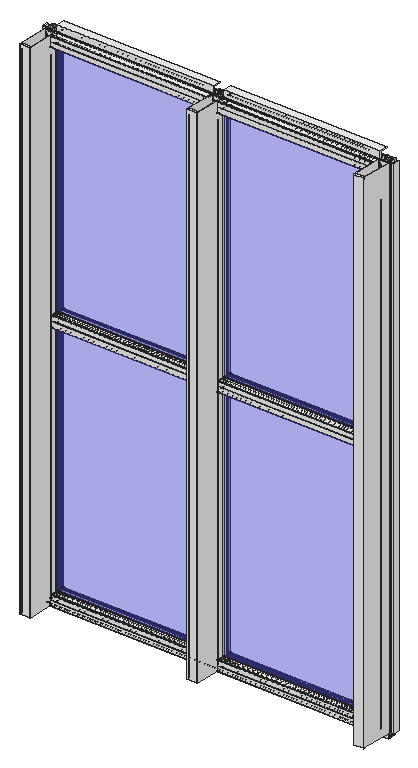
Revit family "Facade_60_Curtain_Wall_E22_Custom", category Windows, host Wall, Revit 2014 (continued)
Definition of nested family "F60 Vertical Profile Middle_E22_Cust"
  Forms (mm)
    Extrusion 1, solid, material <- "Profile Material"
      sketch origin (0, 0, 0) x (1, 0, 0) y (0, 1, 0)
        loop
          arc (25.249, -8.7) -> (25.484, -9.266) -> (26.049, -9.5) r 0.8
          line (26.049, -9.5) -> (27.1, -9.5) -> (27.1, 7) -> (32.902, 7) -> (32.902, -9.5) -> (33.951, -9.5)
          arc (33.951, -9.5) -> (34.516, -9.266) -> (34.751, -8.7) r 0.8
          line (34.751, -8.7) -> (34.751, 6.2)
          arc (34.751, 6.2) -> (34.985, 6.766) -> (35.551, 7) r 0.8
          line (35.551, 7) -> (52.1, 7) -> (52.1, 5.4) -> (50.55, 5.4) -> (50.55, 4.55)
          arc (50.55, 4.55) -> (50.726, 4.126) -> (51.15, 3.95) r 0.6
          line (51.15, 3.95) -> (52.1, 3.95) -> (52.1, 1)
          arc (52.1, 1) -> (51.6, 0.5) -> (52.1, 0) r 0.5
          line (52.1, 0) -> (54.45, 0) -> (54.45, 1.15) -> (53.3, 1.15) -> (53.3, 2.45) -> (58.8, 2.45) -> (58.8, 1.15) -> (57.65, 1.15) -> (57.65, 0) -> (59.5, 0)
          arc (59.5, 0) -> (59.854, 0.146) -> (60, 0.5) r 0.5
          line (60, 0.5) -> (60, 3.9) -> (53.55, 3.9) -> (53.55, 7.6)
          arc (53.55, 7.6) -> (53.316, 8.166) -> (52.75, 8.4) r 0.8
          line (52.75, 8.4) -> (30, 8.4) -> (7.25, 8.4)
          arc (7.25, 8.4) -> (6.684, 8.166) -> (6.45, 7.6) r 0.8
          line (6.45, 7.6) -> (6.45, 3.9) -> (0, 3.9) -> (0, 0.5)
          arc (0, 0.5) -> (0.146, 0.146) -> (0.5, 0) r 0.5
          line (0.5, 0) -> (2.35, 0) -> (2.35, 1.15) -> (1.2, 1.15) -> (1.2, 2.45) -> (6.7, 2.45) -> (6.7, 1.15) -> (5.55, 1.15) -> (5.55, 0) -> (7.9, 0)
          arc (7.9, 0) -> (8.4, 0.5) -> (7.9, 1) r 0.5
          line (7.9, 1) -> (7.9, 3.95) -> (8.85, 3.95)
          arc (8.85, 3.95) -> (9.274, 4.126) -> (9.45, 4.55) r 0.6
          line (9.45, 4.55) -> (9.45, 5.4) -> (7.9, 5.4) -> (7.9, 7) -> (24.449, 7)
          arc (24.449, 7) -> (25.015, 6.766) -> (25.249, 6.2) r 0.8
          line (25.249, 6.2) -> (25.249, -8.7)
      from 0 to 250 <- "Length"
    Extrusion 2, solid, material <- "Thermal Break Material"
      sketch origin (0, 0, 0) x (1, 0, 0) y (0, 1, 0)
        loop
          line (1.75, 9.8) -> (1.75, 5.2) -> (0, 5.2) -> (0, 3.9) -> (6.35, 3.9) -> (6.35, 7.856)
          arc (6.35, 7.856) -> (6.526, 8.281) -> (6.95, 8.456) r 0.6
          line (6.95, 8.456) -> (30, 8.456) -> (53.05, 8.456)
          arc (53.05, 8.456) -> (53.474, 8.281) -> (53.65, 7.856) r 0.6
          line (53.65, 7.856) -> (53.65, 3.9) -> (60, 3.9) -> (60, 5.2) -> (58.25, 5.2) -> (58.25, 9.8) -> (30, 9.8) -> (1.75, 9.8)
      from 0 to 250 <- "Length"
    Extrusion 3, solid, material <- "Thermal Break Material", visible <- "Single Glazing"
      sketch origin (0, 0, 0) x (1, 0, 0) y (0, 1, 0)
        loop
          line (25.749, -14.011) -> (27.672, -14.011) -> (28.481, -12.611) -> (31.518, -12.611) -> (32.327, -14.011) -> (34.249, -14.011)
          arc (34.249, -14.011) -> (34.603, -13.864) -> (34.749, -13.511) r 0.5
          line (34.749, -13.511) -> (34.749, -10.011)
          arc (34.749, -10.011) -> (34.603, -9.657) -> (34.249, -9.511) r 0.5
          line (34.249, -9.511) -> (32.352, -9.511) -> (32.352, 0.19) -> (31.349, 2.261)
          arc (31.349, 2.261) -> (29.999, 2.986) -> (28.649, 2.261) r 1.62
          line (28.649, 2.261) -> (27.647, 0.19) -> (27.647, -9.511) -> (25.749, -9.511)
          arc (25.749, -9.511) -> (25.396, -9.657) -> (25.249, -10.011) r 0.5
          line (25.249, -10.011) -> (25.249, -13.511)
          arc (25.249, -13.511) -> (25.396, -13.864) -> (25.749, -14.011) r 0.5
        loop
          line (28.504, -10.005) -> (28.504, -10.861)
          arc (28.504, -10.861) -> (28.651, -11.214) -> (29.004, -11.361) r 0.5
          line (29.004, -11.361) -> (30.994, -11.361)
          arc (30.994, -11.361) -> (31.348, -11.214) -> (31.494, -10.861) r 0.5
          line (31.494, -10.861) -> (31.494, -10.005) -> (30.708, -9.219)
          arc (30.708, -9.219) -> (30.383, -9.001) -> (29.999, -8.924) r 1.007
          arc (29.999, -8.924) -> (29.616, -8.999) -> (29.292, -9.217) r 0.986
          line (29.292, -9.217) -> (28.504, -10.005)
        loop
          arc (30.896, 1.935) -> (29.887, 2.44) -> (29.005, 1.735) r 1.047
          line (29.005, 1.735) -> (28.347, 0.374) -> (28.347, -6.993)
          arc (28.347, -6.993) -> (28.583, -7.417) -> (29.068, -7.441) r 0.5
          arc (29.068, -7.441) -> (29.999, -7.223) -> (30.93, -7.441) r 2.099
          arc (30.93, -7.441) -> (31.416, -7.417) -> (31.652, -6.993) r 0.5
          line (31.652, -6.993) -> (31.652, 0.374) -> (30.896, 1.935)
      from 0 to 250 <- "Length"
    Extrusion 4, solid, material <- "Profile Material", visible <- "Single Glazing"
      sketch origin (0, 0, 0) x (1, 0, 0) y (0, 1, 0)
        loop
          line (52.693, -14.011) -> (32.327, -14.011) -> (31.519, -12.611) -> (28.481, -12.611) -> (27.673, -14.011) -> (7.307, -14.011) -> (7.307, -15.011) -> (8.457, -15.011) -> (8.457, -16.261) -> (2.957, -16.261) -> (2.957, -15.011) -> (4.107, -15.011) -> (4.107, -14.011) -> (1.707, -14.011)
          arc (1.707, -14.011) -> (1.199, -14.293) -> (1.168, -14.873) r 0.6
          line (1.168, -14.873) -> (2.093, -16.772) -> (1.015, -17.298) -> (1.484, -18.261) -> (11.488, -18.261)
          arc (11.488, -18.261) -> (11.913, -18.085) -> (12.088, -17.661) r 0.6
          line (12.088, -17.661) -> (12.088, -16.811) -> (47.912, -16.811) -> (47.912, -17.661)
          arc (47.912, -17.661) -> (48.088, -18.085) -> (48.512, -18.261) r 0.6
          line (48.512, -18.261) -> (58.518, -18.261) -> (58.987, -17.298) -> (57.908, -16.772) -> (58.834, -14.874)
          arc (58.834, -14.874) -> (58.802, -14.293) -> (58.293, -14.011) r 0.6
          line (58.293, -14.011) -> (55.893, -14.011) -> (55.893, -15.011) -> (57.043, -15.011) -> (57.043, -16.261) -> (51.543, -16.261) -> (51.543, -15.011) -> (52.693, -15.011) -> (52.693, -14.011)
      from 0 to 250 <- "Length"
    Extrusion 5, solid, material <- "Profile Material", visible <- "Single Glazing"
      sketch origin (0, 0, 0) x (1, 0, 0) y (0, 1, 0)
        loop
          line (2.801, -18.261) -> (1.484, -18.261) -> (1.015, -17.298) -> (2.093, -16.772) -> (0.779, -14.076)
          arc (0.779, -14.076) -> (0.239, -14.21) -> (0.001, -14.713) r 0.65
          line (0.001, -14.713) -> (0.001, -28.068)
          arc (0.001, -28.068) -> (1.172, -30.897) -> (4.001, -32.068) r 4
          line (4.001, -32.068) -> (30.001, -32.068) -> (56.001, -32.068)
          arc (56.001, -32.068) -> (58.829, -30.897) -> (60.001, -28.068) r 4
          line (60.001, -28.068) -> (60.001, -14.713)
          arc (60.001, -14.713) -> (59.763, -14.21) -> (59.223, -14.076) r 0.65
          line (59.223, -14.076) -> (57.908, -16.772) -> (58.987, -17.298) -> (58.518, -18.261) -> (57.201, -18.261)
          arc (57.201, -18.261) -> (56.83, -18.425) -> (56.703, -18.811) r 0.5
          arc (56.703, -18.811) -> (56.83, -19.196) -> (57.201, -19.361) r 0.5
          line (57.201, -19.361) -> (58.951, -19.361) -> (58.951, -27.968)
          arc (58.951, -27.968) -> (58.131, -29.948) -> (56.151, -30.768) r 2.8
          line (56.151, -30.768) -> (30.001, -30.768) -> (3.851, -30.768)
          arc (3.851, -30.768) -> (1.871, -29.948) -> (1.051, -27.968) r 2.8
          line (1.051, -27.968) -> (1.051, -19.361) -> (2.801, -19.361)
          arc (2.801, -19.361) -> (3.172, -19.196) -> (3.298, -18.811) r 0.5
          arc (3.298, -18.811) -> (3.172, -18.425) -> (2.801, -18.261) r 0.5
      from 0 to 250 <- "Length"
    Extrusion 6, solid, material <- "Profile Material", visible <- "100mm Mullion"
      sketch origin (0, 0, 0) x (1, 0, 0) y (0, 1, 0)
        loop
          line (14.02, 13) -> (45.98, 13)
          arc (45.98, 13) -> (46.539, 12.842) -> (46.917, 12.4) r 1
          arc (46.917, 12.4) -> (47.285, 11.963) -> (47.833, 11.8) r 1
          line (47.833, 11.8) -> (58.15, 11.8) -> (58.15, 96.3) -> (47.833, 96.3)
          arc (47.833, 96.3) -> (47.285, 96.137) -> (46.917, 95.7) r 1
          arc (46.917, 95.7) -> (46.548, 95.263) -> (46, 95.1) r 1
          line (46, 95.1) -> (14, 95.1)
          arc (14, 95.1) -> (13.452, 95.263) -> (13.083, 95.7) r 1
          arc (13.083, 95.7) -> (12.715, 96.137) -> (12.167, 96.3) r 1
          line (12.167, 96.3) -> (1.85, 96.3) -> (1.85, 11.8) -> (12.167, 11.8)
          arc (12.167, 11.8) -> (12.715, 11.963) -> (13.083, 12.4) r 1
          arc (13.083, 12.4) -> (13.461, 12.842) -> (14.02, 13) r 1
        loop
          line (1.65, 9.856) -> (58.35, 9.856) -> (58.35, 5.2) -> (60, 5.2) -> (60, 98.8)
          arc (60, 98.8) -> (59.707, 99.507) -> (59, 99.8) r 1
          line (59, 99.8) -> (1, 99.8)
          arc (1, 99.8) -> (0.293, 99.507) -> (0, 98.8) r 1
          line (0, 98.8) -> (0, 5.2) -> (1.65, 5.2) -> (1.65, 9.856)
      from 0 to 250 <- "Length"
    Extrusion 7, solid, material <- "Profile Material", visible <- "160mm Mullion"
      sketch origin (0, 0, 0) x (1, 0, 0) y (0, 1, 0)
        loop
          arc (2.35, 15.6) -> (2.526, 15.176) -> (2.95, 15) r 0.6
          line (2.95, 15) -> (57.05, 15)
          arc (57.05, 15) -> (57.474, 15.176) -> (57.65, 15.6) r 0.6
          line (57.65, 15.6) -> (57.65, 153.7)
          arc (57.65, 153.7) -> (57.474, 154.124) -> (57.05, 154.3) r 0.6
          line (57.05, 154.3) -> (47.833, 154.3)
          arc (47.833, 154.3) -> (47.285, 154.137) -> (46.917, 153.7) r 1
          arc (46.917, 153.7) -> (46.548, 153.263) -> (46, 153.1) r 1
          line (46, 153.1) -> (14, 153.1)
          arc (14, 153.1) -> (13.452, 153.263) -> (13.083, 153.7) r 1
          arc (13.083, 153.7) -> (12.715, 154.137) -> (12.167, 154.3) r 1
          line (12.167, 154.3) -> (2.95, 154.3)
          arc (2.95, 154.3) -> (2.526, 154.124) -> (2.35, 153.7) r 0.6
          line (2.35, 153.7) -> (2.35, 15.6)
        loop
          arc (1, 159.8) -> (0.293, 159.507) -> (0, 158.8) r 1
          line (0, 158.8) -> (0, 5.2) -> (1.65, 5.2) -> (1.65, 10.013) -> (58.35, 10.013) -> (58.35, 5.2) -> (60, 5.2) -> (60, 158.8)
          arc (60, 158.8) -> (59.707, 159.507) -> (59, 159.8) r 1
          line (59, 159.8) -> (1, 159.8)
      from 0 to 250 <- "Length"
    Extrusion 8, solid, material <- "Profile Material", visible <- "190mm Mullion"
      sketch origin (0, 0, 0) x (1, 0, 0) y (0, 1, 0)
        loop
          line (57.25, 15.1) -> (57.25, 178.3)
          arc (57.25, 178.3) -> (56.957, 179.007) -> (56.25, 179.3) r 1
          line (56.25, 179.3) -> (3.75, 179.3)
          arc (3.75, 179.3) -> (3.043, 179.007) -> (2.75, 178.3) r 1
          line (2.75, 178.3) -> (2.75, 15.1)
          arc (2.75, 15.1) -> (2.984, 14.534) -> (3.55, 14.3) r 0.8
          line (3.55, 14.3) -> (56.45, 14.3)
          arc (56.45, 14.3) -> (57.016, 14.534) -> (57.25, 15.1) r 0.8
        loop
          line (60, 5.2) -> (60, 188.8)
          arc (60, 188.8) -> (59.707, 189.507) -> (59, 189.8) r 1
          line (59, 189.8) -> (1, 189.8)
          arc (1, 189.8) -> (0.293, 189.507) -> (0, 188.8) r 1
          line (0, 188.8) -> (0, 5.2) -> (1.65, 5.2) -> (1.65, 9.856) -> (58.35, 9.856) -> (58.35, 5.2) -> (60, 5.2)
      from 0 to 250 <- "Length"
    Extrusion 9, solid, material <- "Thermal Break Material", visible <- "Double Glazing"
      sketch origin (0, 0, 0) x (1, 0, 0) y (0, 1, 0)
        loop
          line (27.672, -28) -> (28.48, -26.6) -> (31.518, -26.6) -> (32.326, -28) -> (34.249, -28)
          arc (34.249, -28) -> (34.603, -27.854) -> (34.749, -27.5) r 0.5
          line (34.749, -27.5) -> (34.749, -10)
          arc (34.749, -10) -> (34.603, -9.646) -> (34.249, -9.5) r 0.5
          line (34.249, -9.5) -> (32.352, -9.5) -> (32.352, 0.198) -> (31.348, 2.272)
          arc (31.348, 2.272) -> (29.998, 2.997) -> (28.648, 2.272) r 1.62
          line (28.648, 2.272) -> (27.645, 0.201) -> (27.645, -9.5) -> (25.749, -9.5)
          arc (25.749, -9.5) -> (25.396, -9.646) -> (25.249, -10) r 0.5
          line (25.249, -10) -> (25.249, -27.5)
          arc (25.249, -27.5) -> (25.396, -27.854) -> (25.749, -28) r 0.5
          line (25.749, -28) -> (27.672, -28)
        loop
          arc (30.706, -9.206) -> (30.382, -8.99) -> (29.999, -8.913) r 1.007
          arc (29.999, -8.913) -> (29.616, -8.988) -> (29.292, -9.206) r 0.986
          line (29.292, -9.206) -> (27.142, -11.356)
          arc (27.142, -11.356) -> (26.926, -11.68) -> (26.849, -12.063) r 1
          line (26.849, -12.063) -> (26.849, -24)
          arc (26.849, -24) -> (27.142, -24.707) -> (27.849, -25) r 1
          line (27.849, -25) -> (32.149, -25)
          arc (32.149, -25) -> (32.856, -24.707) -> (33.149, -24) r 1
          line (33.149, -24) -> (33.149, -12.063)
          arc (33.149, -12.063) -> (33.073, -11.68) -> (32.856, -11.356) r 1
          line (32.856, -11.356) -> (30.706, -9.206)
        loop
          arc (28.345, -6.982) -> (28.581, -7.407) -> (29.067, -7.43) r 0.5
          arc (29.067, -7.43) -> (29.998, -7.213) -> (30.929, -7.43) r 2.099
          arc (30.929, -7.43) -> (31.414, -7.407) -> (31.651, -6.982) r 0.5
          line (31.651, -6.982) -> (31.651, 0.385) -> (30.895, 1.946)
          arc (30.895, 1.946) -> (29.885, 2.45) -> (29.004, 1.745) r 1.047
          line (29.004, 1.745) -> (28.345, 0.385) -> (28.345, -6.982)
      from 0 to 250 <- "Length"
    Extrusion 10, solid, material <- "Profile Material", visible <- "Double Glazing"
      sketch origin (0, 0, 0) x (1, 0, 0) y (0, 1, 0)
        loop
          line (52.692, -28) -> (32.327, -28) -> (31.518, -26.6) -> (28.48, -26.6) -> (27.672, -28) -> (7.306, -28) -> (7.306, -29) -> (8.456, -29) -> (8.456, -30.25) -> (2.956, -30.25) -> (2.956, -29) -> (4.106, -29) -> (4.106, -28) -> (1.706, -28)
          arc (1.706, -28) -> (1.198, -28.282) -> (1.167, -28.863) r 0.6
          line (1.167, -28.863) -> (2.093, -30.762) -> (1.014, -31.288) -> (1.483, -32.25) -> (11.488, -32.25)
          arc (11.488, -32.25) -> (11.912, -32.074) -> (12.088, -31.65) r 0.6
          line (12.088, -31.65) -> (12.088, -30.8) -> (47.911, -30.8) -> (47.911, -31.65)
          arc (47.911, -31.65) -> (48.087, -32.074) -> (48.511, -32.25) r 0.6
          line (48.511, -32.25) -> (58.517, -32.25) -> (58.986, -31.288) -> (57.907, -30.762) -> (58.833, -28.864)
          arc (58.833, -28.864) -> (58.801, -28.282) -> (58.292, -28) r 0.6
          line (58.292, -28) -> (55.892, -28) -> (55.892, -29) -> (57.042, -29) -> (57.042, -30.25) -> (51.542, -30.25) -> (51.542, -29) -> (52.692, -29) -> (52.692, -28)
      from 0 to 250 <- "Length"
    Extrusion 11, solid, material <- "Profile Material", visible <- "Double Glazing"
      sketch origin (0, 0, 0) x (1, 0, 0) y (0, 1, 0)
        loop
          line (2.8, -32.25) -> (1.483, -32.25) -> (1.014, -31.288) -> (2.093, -30.762) -> (0.778, -28.065)
          arc (0.778, -28.065) -> (0.238, -28.2) -> (0, -28.702) r 0.65
          line (0, -28.702) -> (0, -42.058)
          arc (0, -42.058) -> (1.172, -44.886) -> (4, -46.058) r 4
          line (4, -46.058) -> (30, -46.058) -> (56, -46.058)
          arc (56, -46.058) -> (58.828, -44.886) -> (60, -42.058) r 4
          line (60, -42.058) -> (60, -28.702)
          arc (60, -28.702) -> (59.762, -28.2) -> (59.222, -28.065) r 0.65
          line (59.222, -28.065) -> (57.907, -30.762) -> (58.986, -31.288) -> (58.517, -32.25) -> (57.2, -32.25)
          arc (57.2, -32.25) -> (56.829, -32.415) -> (56.703, -32.8) r 0.5
          arc (56.703, -32.8) -> (56.829, -33.185) -> (57.2, -33.35) r 0.5
          line (57.2, -33.35) -> (58.95, -33.35) -> (58.95, -41.958)
          arc (58.95, -41.958) -> (58.13, -43.938) -> (56.15, -44.758) r 2.8
          line (56.15, -44.758) -> (30, -44.758) -> (3.85, -44.758)
          arc (3.85, -44.758) -> (1.87, -43.938) -> (1.05, -41.958) r 2.8
          line (1.05, -41.958) -> (1.05, -33.35) -> (2.8, -33.35)
          arc (2.8, -33.35) -> (3.171, -33.185) -> (3.297, -32.8) r 0.5
          arc (3.297, -32.8) -> (3.171, -32.415) -> (2.8, -32.25) r 0.5
      from 0 to 250 <- "Length"
    Extrusion 12, solid, material <- "Profile Material", visible <- "Double Glazing"
      sketch origin (0, 0, 0) x (1, 0, 0) y (0, 1, 0)
        loop
          line (12, -7.775) -> (0, -7.775) -> (0, -25.775) -> (12, -25.775) -> (12, -7.775)
        loop
          line (10.8, -8.975) -> (1.2, -8.975) -> (1.2, -24.575) -> (10.8, -24.575) -> (10.8, -8.975)
      from 0 to 250 <- "Length"
  Lines and regions (mm)
    model lines, style "GenericModelHiddenLines", visible <- "Half 100mm Expansion Break"
      curve 1: line (60, 5.2, 125) -> (60, 95.2, 125)
      curve 2: line (60, 99.8, 125) -> (0, 99.8, 125)
      curve 8: line (0, 5.2, 125) -> (0, 95.2, 125)
    model lines, style "GenericModelHiddenLines", visible <- "Quarter 100mm Expansion Break"
      curve 3: line (60, 5.2, 187.5) -> (60, 95.2, 187.5)
      curve 4: line (60, 5.2, 62.5) -> (60, 95.2, 62.5)
      curve 5: line (60, 99.8, 62.5) -> (0, 99.8, 62.5)
      curve 6: line (60, 99.8, 187.5) -> (0, 99.8, 187.5)
      curve 7: line (0, 5.2, 187.5) -> (0, 95.2, 187.5)
      curve 9: line (0, 5.2, 62.5) -> (0, 95.2, 62.5)
    model lines, style "GenericModelHiddenLines", visible <- "Half SG Expansion Break"
      curve 10: line (4.107, -32.068, 125) -> (55.893, -32.068, 125)
      curve 14: line (60.001, -14.011, 125) -> (60.001, -32.068, 125)
    model lines, style "GenericModelHiddenLines", visible <- "Quarter SG Expansion Break"
      curve 11: line (4.107, -32.068, 187.5) -> (56.703, -32.068, 187.5)
      curve 12: line (4.107, -32.068, 62.5) -> (56.703, -32.068, 62.5)
      curve 13: line (60.001, -14.011, 187.5) -> (60.001, -32.068, 187.5)
      curve 15: line (60.001, -14.011, 62.5) -> (60.001, -32.068, 62.5)
    model lines, style "GenericModelHiddenLines", visible <- "Quarter 160mm Expansion Break"
      curve 16: line (0, 5.2, 187.5) -> (0, 155.2, 187.5)
      curve 18: line (0, 5.2, 62.5) -> (0, 155.2, 62.5)
      curve 19: line (0, 159.8, 187.5) -> (60, 159.8, 187.5)
      curve 21: line (0, 159.8, 62.5) -> (60, 159.8, 62.5)
      curve 22: line (60, 5.2, 187.5) -> (60, 155.2, 187.5)
      curve 24: line (60, 5.2, 62.5) -> (60, 155.2, 62.5)
    model lines, style "GenericModelHiddenLines", visible <- "Half 160mm Expansion Break"
      curve 17: line (0, 5.2, 125) -> (0, 155.2, 125)
      curve 20: line (0, 159.8, 125) -> (60, 159.8, 125)
      curve 23: line (60, 5.2, 125) -> (60, 155.2, 125)
    model lines, style "GenericModelHiddenLines", visible <- "Quarter 190mm Expansion Break"
      curve 25: line (0, 5.2, 187.5) -> (0, 185.2, 187.5)
      curve 27: line (0, 5.2, 62.5) -> (0, 185.2, 62.5)
      curve 28: line (0.779, 189.8, 187.5) -> (59.222, 189.8, 187.5)
      curve 30: line (0.779, 189.8, 62.5) -> (59.222, 189.8, 62.5)
      curve 31: line (60, 5.2, 187.5) -> (60, 185.2, 187.5)
      curve 33: line (60, 5.2, 62.5) -> (60, 185.2, 62.5)
    model lines, style "GenericModelHiddenLines", visible <- "Half 190mm Expansion Joint"
      curve 26: line (0, 5.2, 125) -> (0, 185.2, 125)
      curve 29: line (0.779, 189.8, 125) -> (59.222, 189.8, 125)
      curve 32: line (60, 5.2, 125) -> (60, 185.2, 125)
    model lines, style "GenericModelHiddenLines", visible <- "Quarter DG Expansion Break"
      curve 34: line (60, -28.065, 187.5) -> (60, -46.074, 187.5)
      curve 36: line (60, -28.065, 62.5) -> (60, -46.027, 62.5)
      curve 37: line (59.222, -46.058, 187.5) -> (0.779, -46.058, 187.5)
      curve 39: line (59.222, -46.058, 62.5) -> (0.779, -46.058, 62.5)
    model lines, style "GenericModelHiddenLines", visible <- "Half DG Expansion Break"
      curve 35: line (60, -28.065, 125) -> (60, -46.074, 125)
      curve 38: line (59.222, -46.058, 125) -> (0.779, -46.058, 125)
  Dimensions and locks
    "Half Length": curve 1 to level
    "Half Length": level to curve 2
    "Quarter Length": curve 4 to level
    "Quarter Length": Extrusion 8 to curve 3
    "Quarter Length": level to curve 5
    "Quarter Length": curve 6 to Extrusion 6
    "Quarter Length": curve 9 to level
    "Half Length": curve 8 to level
    "Quarter Length": Extrusion 8 to curve 7
    "Quarter Length": curve 12 to level
    "Half Length": curve 10 to level
    "Quarter Length": Extrusion 5 to curve 11
    "Quarter Length": curve 15 to level
    "Half Length": curve 14 to level
    "Quarter Length": Extrusion 5 to curve 13
    "Quarter Length": Extrusion 7 to curve 18
    "Half Length": Extrusion 7 to curve 17
    "Quarter Length": Extrusion 7 to curve 16
    "Quarter Length": Extrusion 7 to curve 21
    "Quarter Length": curve 19 to Extrusion 7
    "Half Length": Extrusion 7 to curve 20
    "Quarter Length": Extrusion 7 to curve 24
    "Quarter Length": Extrusion 7 to curve 22
    "Half Length": Extrusion 7 to curve 23
    "Quarter Length": Extrusion 8 to curve 27
    "Quarter Length": Extrusion 8 to curve 25
    "Half Length": Extrusion 8 to curve 26
    "Quarter Length": Extrusion 8 to curve 30
    "Quarter Length": curve 28 to Extrusion 8
    "Half Length": Extrusion 8 to curve 29
    "Quarter Length": Extrusion 8 to curve 33
    "Quarter Length": Extrusion 8 to curve 31
    "Half Length": Extrusion 8 to curve 32
    "Quarter Length": Extrusion 11 to curve 36
    "Quarter Length": Extrusion 11 to curve 34
    "Half Length": Extrusion 11 to curve 35
    "Quarter Length": Extrusion 11 to curve 37
    "Quarter Length": curve 39 to Extrusion 11
    "Half Length": curve 38 to Extrusion 11
    aligned and locked: level to plane 2
  Automatic sketch dimensions
    Extrusion 1 sketch curve to plane 3 "Center (Left/Right)" = 0 mm
    plane 1 "Center (Front/Back)" to Extrusion 1 sketch curve = 0 mm  (x4)
    plane 3 "Center (Left/Right)" to Extrusion 1 sketch curve = 0.5 mm
    Extrusion 1 sketch curve to Extrusion 1 sketch curve = 0.7 mm  (x2)
    Extrusion 1 sketch curve to Extrusion 1 sketch curve = 1.15 mm  (x4)
    Extrusion 1 sketch curve to Extrusion 1 sketch curve = 3.2 mm  (x2)
    Extrusion 1 sketch curve to Extrusion 1 sketch curve = 0.9 mm
    Extrusion 1 sketch curve to Extrusion 1 sketch curve = 0.25 mm
    Extrusion 1 sketch curve to Extrusion 1 sketch curve = 0.8 mm  (x7)
    Extrusion 1 sketch curve to Extrusion 1 sketch curve = 1.45 mm  (x2)
    Extrusion 1 sketch curve to Extrusion 1 sketch curve = 0.65 mm  (x3)
    Extrusion 1 sketch curve to Extrusion 1 sketch curve = 0.95 mm  (x3)
    Extrusion 1 sketch curve to Extrusion 1 sketch curve = 0.6 mm  (x3)
    Extrusion 1 sketch curve to plane 1 "Center (Front/Back)" = 7 mm
    Extrusion 1 sketch curve to Extrusion 1 sketch curve = 14.999 mm  (x2)
    plane 1 "Center (Front/Back)" to Extrusion 1 sketch curve = 8.7 mm
    Extrusion 1 sketch curve to Extrusion 1 sketch curve = 1.85 mm
    Extrusion 1 sketch curve to Extrusion 1 sketch curve = 2.9 mm
    Extrusion 1 sketch curve to Extrusion 1 sketch curve = 5.802 mm
    Extrusion 1 sketch curve to Extrusion 1 sketch curve = 1.049 mm
    Extrusion 1 sketch curve to plane 1 "Center (Front/Back)" = 4.55 mm
    Extrusion 1 sketch curve to plane 1 "Center (Front/Back)" = 0.5 mm  (x3)
    Extrusion 1 sketch curve to Extrusion 1 sketch curve = 1.2 mm
    Extrusion 1 sketch curve to plane 1 "Center (Front/Back)" = 1.15 mm  (x2)
    Extrusion 1 sketch curve to Extrusion 1 sketch curve = 0 mm
    Extrusion 1 sketch curve to Extrusion 1 sketch curve = 1.3 mm  (x2)
    Extrusion 1 sketch curve to Extrusion 1 sketch curve = 0.05 mm  (x2)
    Extrusion 1 sketch curve to Extrusion 1 sketch curve = 0.85 mm  (x2)
    Extrusion 1 sketch curve to plane 1 "Center (Front/Back)" = 6.2 mm
    Extrusion 2 sketch curve to plane 3 "Center (Left/Right)" = 0 mm
    plane 3 "Center (Left/Right)" to Extrusion 2 sketch curve = 1.75 mm
    Extrusion 2 sketch curve to Extrusion 2 sketch curve = 4.6 mm  (x4)
    Extrusion 2 sketch curve to Extrusion 2 sketch curve = 0.6 mm  (x2)
    Extrusion 2 sketch curve to plane 1 "Center (Front/Back)" = 9.8 mm
    Extrusion 2 sketch curve to Extrusion 2 sketch curve = 23.05 mm  (x2)
    Extrusion 2 sketch curve to Extrusion 2 sketch curve = 0 mm
    Extrusion 2 sketch curve to plane 1 "Center (Front/Back)" = 8.456 mm
    Extrusion 2 sketch curve to Extrusion 2 sketch curve = 1.75 mm
    Extrusion 2 sketch curve to plane 1 "Center (Front/Back)" = 3.9 mm  (x2)
    plane 3 "Center (Left/Right)" to Extrusion 3 sketch curve = 25.249 mm
    Extrusion 3 sketch curve to Extrusion 3 sketch curve = 0.5 mm  (x6)
    Extrusion 3 sketch curve to plane 1 "Center (Front/Back)" = 0.19 mm  (x2)
    Extrusion 3 sketch curve to Extrusion 3 sketch curve = 1.897 mm  (x2)
    Extrusion 3 sketch curve to Extrusion 3 sketch curve = 1.922 mm  (x2)
    Extrusion 3 sketch curve to plane 1 "Center (Front/Back)" = 0.374 mm  (x2)
    Extrusion 3 sketch curve to Extrusion 3 sketch curve = 0.7 mm  (x2)
    plane 1 "Center (Front/Back)" to Extrusion 3 sketch curve = 12.611 mm
    Extrusion 3 sketch curve to Extrusion 3 sketch curve = 0.809 mm
    Extrusion 3 sketch curve to Extrusion 3 sketch curve = 0.858 mm
    Extrusion 3 sketch curve to plane 1 "Center (Front/Back)" = 2.261 mm  (x2)
    Extrusion 3 sketch curve to Extrusion 3 sketch curve = 0.303 mm
    Extrusion 3 sketch curve to plane 1 "Center (Front/Back)" = 1.735 mm
    Extrusion 3 sketch curve to Extrusion 3 sketch curve = 0.356 mm
    plane 1 "Center (Front/Back)" to Extrusion 3 sketch curve = 9.217 mm
    Extrusion 3 sketch curve to Extrusion 3 sketch curve = 0.788 mm
    Extrusion 3 sketch curve to Extrusion 3 sketch curve = 0.701 mm
    Extrusion 3 sketch curve to Extrusion 3 sketch curve = 0.003 mm
    Extrusion 3 sketch curve to Extrusion 3 sketch curve = 0.992 mm
    Extrusion 3 sketch curve to Extrusion 3 sketch curve = 0.006 mm
    Extrusion 3 sketch curve to Extrusion 3 sketch curve = 0.002 mm
    plane 1 "Center (Front/Back)" to Extrusion 3 sketch curve = 9.219 mm
    Extrusion 3 sketch curve to Extrusion 3 sketch curve = 0.709 mm
    Extrusion 3 sketch curve to plane 1 "Center (Front/Back)" = 1.935 mm
    Extrusion 3 sketch curve to Extrusion 3 sketch curve = 0.899 mm
    Extrusion 3 sketch curve to Extrusion 3 sketch curve = 0.998 mm
    Extrusion 3 sketch curve to Extrusion 3 sketch curve = 0.444 mm
    Extrusion 3 sketch curve to Extrusion 3 sketch curve = 0.524 mm
    Extrusion 3 sketch curve to Extrusion 3 sketch curve = 0.756 mm
    Extrusion 3 sketch curve to Extrusion 3 sketch curve = 0.808 mm
    Extrusion 3 sketch curve to Extrusion 3 sketch curve = 0.9 mm  (x2)
    Extrusion 3 sketch curve to Extrusion 3 sketch curve = 1.25 mm
    Extrusion 3 sketch curve to Extrusion 3 sketch curve = 0.85 mm  (x2)
    Extrusion 3 sketch curve to Extrusion 3 sketch curve = 0.856 mm  (x2)
    Extrusion 3 sketch curve to Extrusion 3 sketch curve = 0.714 mm
    Extrusion 3 sketch curve to Extrusion 3 sketch curve = 0.02 mm
    Extrusion 3 sketch curve to Extrusion 3 sketch curve = 0.399 mm
    Extrusion 3 sketch curve to Extrusion 3 sketch curve = 2.224 mm
    Extrusion 3 sketch curve to Extrusion 3 sketch curve = 0.448 mm
    Extrusion 3 sketch curve to Extrusion 3 sketch curve = 0.032 mm
    Extrusion 3 sketch curve to Extrusion 3 sketch curve = 0 mm
    plane 3 "Center (Left/Right)" to Extrusion 4 sketch curve = 1.015 mm
    Extrusion 4 sketch curve to Extrusion 4 sketch curve = 0.469 mm
    plane 3 "Center (Left/Right)" to Extrusion 4 sketch curve = 1.707 mm
    Extrusion 4 sketch curve to Extrusion 4 sketch curve = 1.079 mm
    Extrusion 4 sketch curve to Extrusion 4 sketch curve = 0.864 mm
    Extrusion 4 sketch curve to Extrusion 4 sketch curve = 1.15 mm  (x4)
    Extrusion 4 sketch curve to Extrusion 4 sketch curve = 3.2 mm  (x2)
    Extrusion 4 sketch curve to Extrusion 4 sketch curve = 3.031 mm  (x2)
    Extrusion 4 sketch curve to Extrusion 4 sketch curve = 0.6 mm  (x3)
    Extrusion 4 sketch curve to Extrusion 4 sketch curve = 15.584 mm  (x2)
    plane 1 "Center (Front/Back)" to Extrusion 4 sketch curve = 12.611 mm
    Extrusion 4 sketch curve to Extrusion 4 sketch curve = 0.808 mm  (x2)
    Extrusion 4 sketch curve to Extrusion 4 sketch curve = 3.038 mm
    plane 1 "Center (Front/Back)" to Extrusion 4 sketch curve = 14.011 mm
    plane 1 "Center (Front/Back)" to Extrusion 4 sketch curve = 16.772 mm
    Extrusion 4 sketch curve to Extrusion 4 sketch curve = 0.865 mm
    Extrusion 4 sketch curve to Extrusion 4 sketch curve = 1.25 mm  (x4)
    plane 1 "Center (Front/Back)" to Extrusion 4 sketch curve = 18.261 mm
    Extrusion 4 sketch curve to Extrusion 4 sketch curve = 0.61 mm
    plane 1 "Center (Front/Back)" to Extrusion 4 sketch curve = 17.298 mm
    Extrusion 4 sketch curve to Extrusion 4 sketch curve = 5.65 mm
    Extrusion 4 sketch curve to Extrusion 4 sketch curve = 0.962 mm
    Extrusion 4 sketch curve to Extrusion 4 sketch curve = 0.85 mm
    Extrusion 4 sketch curve to Extrusion 4 sketch curve = 0.512 mm  (x2)
    Extrusion 4 sketch curve to Extrusion 4 sketch curve = 1 mm  (x2)
    Extrusion 4 sketch curve to Extrusion 4 sketch curve = 0.4 mm  (x2)
    Extrusion 4 sketch curve to Extrusion 4 sketch curve = 1.4 mm
    Extrusion 4 sketch curve to Extrusion 4 sketch curve = 0.539 mm  (x2)
    Extrusion 4 sketch curve to Extrusion 4 sketch curve = 0 mm
    plane 1 "Center (Front/Back)" to Extrusion 4 sketch curve = 14.874 mm
    plane 3 "Center (Left/Right)" to Extrusion 5 sketch curve = 0.001 mm
    Extrusion 5 sketch curve to Extrusion 5 sketch curve = 0.65 mm  (x2)
    Extrusion 5 sketch curve to Extrusion 5 sketch curve = 0.128 mm  (x2)
    plane 3 "Center (Left/Right)" to Extrusion 5 sketch curve = 1.015 mm
    plane 3 "Center (Left/Right)" to Extrusion 5 sketch curve = 1.051 mm
    Extrusion 5 sketch curve to Extrusion 5 sketch curve = 0.469 mm  (x2)
    Extrusion 5 sketch curve to Extrusion 5 sketch curve = 1.079 mm
    Extrusion 5 sketch curve to Extrusion 5 sketch curve = 1.317 mm  (x2)
    Extrusion 5 sketch curve to Extrusion 5 sketch curve = 0 mm  (x3)
    plane 3 "Center (Left/Right)" to Extrusion 5 sketch curve = 3.851 mm
    Extrusion 5 sketch curve to Extrusion 5 sketch curve = 0.15 mm  (x2)
    Extrusion 5 sketch curve to Extrusion 5 sketch curve = 26 mm  (x2)
    Extrusion 5 sketch curve to Extrusion 5 sketch curve = 1.05 mm
    plane 1 "Center (Front/Back)" to Extrusion 5 sketch curve = 16.772 mm
    Extrusion 5 sketch curve to Extrusion 5 sketch curve = 0.707 mm
    Extrusion 5 sketch curve to Extrusion 5 sketch curve = 0.433 mm
    plane 1 "Center (Front/Back)" to Extrusion 5 sketch curve = 17.298 mm
    plane 1 "Center (Front/Back)" to Extrusion 5 sketch curve = 14.076 mm
    Extrusion 5 sketch curve to Extrusion 5 sketch curve = 0.5 mm  (x2)
    plane 1 "Center (Front/Back)" to Extrusion 5 sketch curve = 18.761 mm
    Extrusion 5 sketch curve to Extrusion 5 sketch curve = 0.1 mm  (x3)
    Extrusion 5 sketch curve to Extrusion 5 sketch curve = 1.1 mm  (x2)
    Extrusion 5 sketch curve to Extrusion 5 sketch curve = 8.608 mm
    Extrusion 5 sketch curve to Extrusion 5 sketch curve = 0.962 mm
    Extrusion 6 sketch curve to plane 3 "Center (Left/Right)" = 0 mm
    plane 3 "Center (Left/Right)" to Extrusion 6 sketch curve = 1 mm
    plane 3 "Center (Left/Right)" to Extrusion 6 sketch curve = 1.65 mm
    plane 3 "Center (Left/Right)" to Extrusion 6 sketch curve = 1.85 mm
    Extrusion 6 sketch curve to Extrusion 6 sketch curve = 10.317 mm  (x3)
    Extrusion 6 sketch curve to Extrusion 6 sketch curve = 1.833 mm  (x4)
    Extrusion 6 sketch curve to Extrusion 6 sketch curve = 0.02 mm  (x2)
    Extrusion 6 sketch curve to plane 1 "Center (Front/Back)" = 13 mm
    Extrusion 6 sketch curve to Extrusion 6 sketch curve = 31.961 mm
    Extrusion 6 sketch curve to Extrusion 6 sketch curve = 32 mm
    Extrusion 6 sketch curve to Extrusion 6 sketch curve = 0.2 mm  (x5)
    Extrusion 6 sketch curve to Extrusion 6 sketch curve = 0.85 mm
    Extrusion 6 sketch curve to Extrusion 6 sketch curve = 1.65 mm
    Extrusion 6 sketch curve to Extrusion 6 sketch curve = 1 mm  (x8)
    Extrusion 6 sketch curve to Extrusion 6 sketch curve = 1.944 mm
    Extrusion 6 sketch curve to Extrusion 6 sketch curve = 4.656 mm  (x2)
    Extrusion 6 sketch curve to Extrusion 6 sketch curve = 82.1 mm
    Extrusion 6 sketch curve to Extrusion 6 sketch curve = 2.5 mm
    Extrusion 7 sketch curve to plane 3 "Center (Left/Right)" = 0 mm
    Extrusion 7 sketch curve to Extrusion 7 sketch curve = 1 mm  (x3)
    plane 3 "Center (Left/Right)" to Extrusion 7 sketch curve = 1.65 mm
    plane 3 "Center (Left/Right)" to Extrusion 7 sketch curve = 2.35 mm
    Extrusion 7 sketch curve to Extrusion 7 sketch curve = 0.6 mm  (x3)
    Extrusion 7 sketch curve to Extrusion 7 sketch curve = 9.217 mm  (x2)
    Extrusion 7 sketch curve to Extrusion 7 sketch curve = 1.833 mm  (x2)
    Extrusion 7 sketch curve to Extrusion 7 sketch curve = 32 mm
    Extrusion 7 sketch curve to plane 1 "Center (Front/Back)" = 15 mm
    Extrusion 7 sketch curve to Extrusion 7 sketch curve = 54.1 mm
    Extrusion 7 sketch curve to Extrusion 7 sketch curve = 1.3 mm
    Extrusion 7 sketch curve to Extrusion 7 sketch curve = 1.95 mm
    Extrusion 7 sketch curve to Extrusion 7 sketch curve = 1.65 mm
    Extrusion 7 sketch curve to Extrusion 7 sketch curve = 4.987 mm
    Extrusion 7 sketch curve to Extrusion 7 sketch curve = 4.813 mm
    Extrusion 7 sketch curve to Extrusion 7 sketch curve = 4.812 mm
    Extrusion 7 sketch curve to Extrusion 7 sketch curve = 137.5 mm
    Extrusion 7 sketch curve to Extrusion 7 sketch curve = 0.2 mm  (x2)
    Extrusion 7 sketch curve to Extrusion 7 sketch curve = 0.4 mm  (x2)
    Extrusion 7 sketch curve to Extrusion 7 sketch curve = 4.5 mm
    Extrusion 8 sketch curve to plane 3 "Center (Left/Right)" = 0 mm
    Extrusion 8 sketch curve to Extrusion 8 sketch curve = 1 mm  (x3)
    plane 3 "Center (Left/Right)" to Extrusion 8 sketch curve = 1.65 mm
    plane 3 "Center (Left/Right)" to Extrusion 8 sketch curve = 2.75 mm
    Extrusion 8 sketch curve to Extrusion 8 sketch curve = 0.8 mm  (x2)
    Extrusion 8 sketch curve to Extrusion 8 sketch curve = 52.5 mm
    Extrusion 8 sketch curve to plane 1 "Center (Front/Back)" = 15.1 mm
    Extrusion 8 sketch curve to Extrusion 8 sketch curve = 52.9 mm
    Extrusion 8 sketch curve to Extrusion 8 sketch curve = 1.9 mm
    Extrusion 8 sketch curve to Extrusion 8 sketch curve = 2.75 mm
    Extrusion 8 sketch curve to Extrusion 8 sketch curve = 4.444 mm
    Extrusion 8 sketch curve to Extrusion 8 sketch curve = 4.656 mm  (x2)
    Extrusion 8 sketch curve to Extrusion 8 sketch curve = 163.2 mm
    Extrusion 8 sketch curve to Extrusion 8 sketch curve = 9.5 mm
    plane 3 "Center (Left/Right)" to Extrusion 9 sketch curve = 25.249 mm
    Extrusion 9 sketch curve to Extrusion 9 sketch curve = 0.5 mm  (x4)
    Extrusion 9 sketch curve to Extrusion 9 sketch curve = 1.1 mm
    plane 1 "Center (Front/Back)" to Extrusion 9 sketch curve = 11.356 mm  (x2)
    Extrusion 9 sketch curve to Extrusion 9 sketch curve = 0.293 mm  (x2)
    Extrusion 9 sketch curve to Extrusion 9 sketch curve = 1.896 mm
    Extrusion 9 sketch curve to Extrusion 9 sketch curve = 1.922 mm
    Extrusion 9 sketch curve to Extrusion 9 sketch curve = 1 mm  (x2)
    Extrusion 9 sketch curve to Extrusion 9 sketch curve = 0.7 mm
    Extrusion 9 sketch curve to Extrusion 9 sketch curve = 0.808 mm
    Extrusion 9 sketch curve to plane 1 "Center (Front/Back)" = 2.272 mm  (x2)
    Extrusion 9 sketch curve to Extrusion 9 sketch curve = 0.303 mm
    Extrusion 9 sketch curve to plane 1 "Center (Front/Back)" = 1.745 mm
    Extrusion 9 sketch curve to Extrusion 9 sketch curve = 0.356 mm
    plane 1 "Center (Front/Back)" to Extrusion 9 sketch curve = 9.206 mm  (x2)
    Extrusion 9 sketch curve to Extrusion 9 sketch curve = 1.647 mm
    Extrusion 9 sketch curve to Extrusion 9 sketch curve = 0.701 mm
    Extrusion 9 sketch curve to Extrusion 9 sketch curve = 0.992 mm
    Extrusion 9 sketch curve to Extrusion 9 sketch curve = 0.003 mm
    Extrusion 9 sketch curve to Extrusion 9 sketch curve = 0.002 mm
    Extrusion 9 sketch curve to Extrusion 9 sketch curve = 0.004 mm
    Extrusion 9 sketch curve to Extrusion 9 sketch curve = 0.708 mm
    Extrusion 9 sketch curve to plane 1 "Center (Front/Back)" = 1.946 mm
    Extrusion 9 sketch curve to Extrusion 9 sketch curve = 0.899 mm
    Extrusion 9 sketch curve to Extrusion 9 sketch curve = 0.444 mm
    Extrusion 9 sketch curve to Extrusion 9 sketch curve = 3.038 mm
    Extrusion 9 sketch curve to plane 1 "Center (Front/Back)" = 0.385 mm  (x2)
    Extrusion 9 sketch curve to Extrusion 9 sketch curve = 0.756 mm
    Extrusion 9 sketch curve to Extrusion 9 sketch curve = 2.153 mm
    Extrusion 9 sketch curve to Extrusion 9 sketch curve = 0.631 mm
    Extrusion 9 sketch curve to Extrusion 9 sketch curve = 0.807 mm
    Extrusion 9 sketch curve to Extrusion 9 sketch curve = 1.646 mm
    Extrusion 9 sketch curve to Extrusion 9 sketch curve = 0.707 mm
    Extrusion 9 sketch curve to Extrusion 9 sketch curve = 1.393 mm
    Extrusion 9 sketch curve to Extrusion 9 sketch curve = 1.923 mm
    Extrusion 9 sketch curve to Extrusion 9 sketch curve = 11.937 mm
    Extrusion 9 sketch curve to Extrusion 9 sketch curve = 1.6 mm
    Extrusion 9 sketch curve to Extrusion 9 sketch curve = 0.9 mm  (x2)
    Extrusion 9 sketch curve to Extrusion 9 sketch curve = 1.356 mm  (x2)
    Extrusion 9 sketch curve to Extrusion 9 sketch curve = 0.714 mm
    Extrusion 9 sketch curve to Extrusion 9 sketch curve = 0.02 mm
    Extrusion 9 sketch curve to Extrusion 9 sketch curve = 0.399 mm
    Extrusion 9 sketch curve to Extrusion 9 sketch curve = 2.224 mm
    Extrusion 9 sketch curve to Extrusion 9 sketch curve = 0.448 mm
    Extrusion 9 sketch curve to plane 1 "Center (Front/Back)" = 0.198 mm
    Extrusion 9 sketch curve to plane 1 "Center (Front/Back)" = 0.201 mm
    Extrusion 9 sketch curve to Extrusion 9 sketch curve = 0.032 mm
    Extrusion 9 sketch curve to Extrusion 9 sketch curve = 0 mm
    plane 3 "Center (Left/Right)" to Extrusion 10 sketch curve = 1.014 mm
    Extrusion 10 sketch curve to Extrusion 10 sketch curve = 0.469 mm  (x2)
    plane 3 "Center (Left/Right)" to Extrusion 10 sketch curve = 1.706 mm
    Extrusion 10 sketch curve to Extrusion 10 sketch curve = 1.079 mm
    Extrusion 10 sketch curve to Extrusion 10 sketch curve = 0.864 mm
    Extrusion 10 sketch curve to Extrusion 10 sketch curve = 1.15 mm  (x4)
    Extrusion 10 sketch curve to Extrusion 10 sketch curve = 3.2 mm  (x2)
    Extrusion 10 sketch curve to Extrusion 10 sketch curve = 3.031 mm  (x2)
    Extrusion 10 sketch curve to Extrusion 10 sketch curve = 0.6 mm  (x3)
    Extrusion 10 sketch curve to Extrusion 10 sketch curve = 15.584 mm  (x2)
    Extrusion 10 sketch curve to Extrusion 10 sketch curve = 0.808 mm  (x2)
    Extrusion 10 sketch curve to Extrusion 10 sketch curve = 3.038 mm
    Extrusion 10 sketch curve to Extrusion 10 sketch curve = 0.865 mm
    Extrusion 10 sketch curve to Extrusion 10 sketch curve = 1.25 mm  (x5)
    Extrusion 10 sketch curve to Extrusion 10 sketch curve = 0.61 mm
    plane 1 "Center (Front/Back)" to Extrusion 10 sketch curve = 31.288 mm
    Extrusion 10 sketch curve to Extrusion 10 sketch curve = 0.362 mm
    plane 1 "Center (Front/Back)" to Extrusion 10 sketch curve = 31.65 mm
    Extrusion 10 sketch curve to Extrusion 10 sketch curve = 0.962 mm
    Extrusion 10 sketch curve to Extrusion 10 sketch curve = 0.85 mm
    Extrusion 10 sketch curve to Extrusion 10 sketch curve = 0.512 mm  (x2)
    Extrusion 10 sketch curve to Extrusion 10 sketch curve = 0.4 mm  (x2)
    Extrusion 10 sketch curve to Extrusion 10 sketch curve = 1 mm
    Extrusion 10 sketch curve to Extrusion 10 sketch curve = 2.8 mm
    Extrusion 10 sketch curve to Extrusion 10 sketch curve = 0 mm  (x2)
    Extrusion 10 sketch curve to Extrusion 10 sketch curve = 1.4 mm
    Extrusion 10 sketch curve to Extrusion 10 sketch curve = 0.539 mm  (x2)
    plane 1 "Center (Front/Back)" to Extrusion 10 sketch curve = 28.864 mm
    Extrusion 11 sketch curve to plane 3 "Center (Left/Right)" = 0 mm
    plane 3 "Center (Left/Right)" to Extrusion 11 sketch curve = 0.65 mm
    Extrusion 11 sketch curve to Extrusion 11 sketch curve = 0.128 mm  (x2)
    plane 3 "Center (Left/Right)" to Extrusion 11 sketch curve = 1.014 mm
    plane 3 "Center (Left/Right)" to Extrusion 11 sketch curve = 1.05 mm
    Extrusion 11 sketch curve to Extrusion 11 sketch curve = 0.469 mm  (x2)
    Extrusion 11 sketch curve to Extrusion 11 sketch curve = 1.079 mm
    Extrusion 11 sketch curve to Extrusion 11 sketch curve = 1.317 mm  (x2)
    Extrusion 11 sketch curve to Extrusion 11 sketch curve = 0 mm  (x3)
    plane 3 "Center (Left/Right)" to Extrusion 11 sketch curve = 3.85 mm
    Extrusion 11 sketch curve to Extrusion 11 sketch curve = 0.15 mm  (x2)
    Extrusion 11 sketch curve to Extrusion 11 sketch curve = 26 mm  (x2)
    Extrusion 11 sketch curve to Extrusion 11 sketch curve = 1.05 mm
    Extrusion 11 sketch curve to Extrusion 11 sketch curve = 0.707 mm
    Extrusion 11 sketch curve to Extrusion 11 sketch curve = 0.433 mm
    plane 1 "Center (Front/Back)" to Extrusion 11 sketch curve = 31.288 mm
    plane 1 "Center (Front/Back)" to Extrusion 11 sketch curve = 28.065 mm
    Extrusion 11 sketch curve to Extrusion 11 sketch curve = 1.314 mm
    Extrusion 11 sketch curve to Extrusion 11 sketch curve = 0.65 mm
    Extrusion 11 sketch curve to Extrusion 11 sketch curve = 0.5 mm  (x2)
    plane 1 "Center (Front/Back)" to Extrusion 11 sketch curve = 32.75 mm
    Extrusion 11 sketch curve to Extrusion 11 sketch curve = 0.1 mm  (x3)
    Extrusion 11 sketch curve to Extrusion 11 sketch curve = 1.1 mm  (x2)
    Extrusion 11 sketch curve to Extrusion 11 sketch curve = 8.608 mm
    Extrusion 11 sketch curve to Extrusion 11 sketch curve = 0.962 mm
    Extrusion 12 sketch curve to plane 3 "Center (Left/Right)" = 0 mm
    plane 3 "Center (Left/Right)" to Extrusion 12 sketch curve = 1.2 mm
    Extrusion 12 sketch curve to Extrusion 12 sketch curve = 9.6 mm
    Extrusion 12 sketch curve to Extrusion 12 sketch curve = 1.2 mm  (x3)
    plane 1 "Center (Front/Back)" to Extrusion 12 sketch curve = 25.775 mm
    plane 1 "Center (Front/Back)" to Extrusion 12 sketch curve = 8.975 mm
    curve 4 to Extrusion 6 = 0 mm
    curve 3 to Extrusion 6 = 0 mm
    curve 1 to Extrusion 6 = 0 mm
    curve 4 to Extrusion 6 = 3.6 mm
    curve 3 to Extrusion 6 = 3.6 mm
    curve 1 to Extrusion 6 = 3.6 mm
    Extrusion 6 to curve 2 = 1 mm
    Extrusion 6 to curve 5 = 1 mm
    Extrusion 6 to curve 6 = 1 mm
    curve 6 to Extrusion 6 = 1 mm
    curve 5 to Extrusion 6 = 1 mm
    curve 2 to Extrusion 6 = 1 mm
    curve 9 to Extrusion 6 = 0 mm
    curve 8 to Extrusion 6 = 0 mm
    curve 7 to Extrusion 6 = 0 mm
    Extrusion 6 to curve 8 = 3.6 mm
    Extrusion 6 to curve 9 = 3.6 mm
    Extrusion 6 to curve 7 = 3.6 mm
    curve 12 to Extrusion 5 = 25.894 mm
    curve 11 to Extrusion 5 = 25.894 mm
    curve 10 to Extrusion 5 = 25.894 mm
    curve 10 to Extrusion 5 = 0.108 mm
    Extrusion 5 to curve 12 = 0.703 mm
    Extrusion 5 to curve 11 = 0.703 mm
    curve 13 to Extrusion 5 = 4 mm
    curve 14 to Extrusion 5 = 4 mm
    curve 15 to Extrusion 5 = 4 mm
    Extrusion 5 to curve 15 = 0.702 mm
    Extrusion 5 to curve 14 = 0.702 mm
    Extrusion 5 to curve 13 = 0.702 mm
    curve 18 to Extrusion 7 = 0 mm
    curve 17 to Extrusion 7 = 0 mm
    curve 16 to Extrusion 7 = 0 mm
    Extrusion 7 to curve 17 = 3.6 mm
    Extrusion 7 to curve 18 = 3.6 mm
    Extrusion 7 to curve 16 = 3.6 mm
    Extrusion 7 to curve 21 = 1 mm  (x2)
    Extrusion 7 to curve 20 = 1 mm  (x2)
    Extrusion 7 to curve 19 = 1 mm  (x2)
    curve 24 to Extrusion 7 = 0 mm
    curve 23 to Extrusion 7 = 0 mm
    curve 22 to Extrusion 7 = 0 mm
    curve 24 to Extrusion 7 = 3.6 mm
    curve 23 to Extrusion 7 = 3.6 mm
    curve 22 to Extrusion 7 = 3.6 mm
    curve 27 to Extrusion 8 = 0 mm
    curve 26 to Extrusion 8 = 0 mm
    curve 25 to Extrusion 8 = 0 mm
    Extrusion 8 to curve 26 = 3.6 mm
    Extrusion 8 to curve 27 = 3.6 mm
    Extrusion 8 to curve 25 = 3.6 mm
    Extrusion 8 to curve 30 = 0.221 mm
    Extrusion 8 to curve 29 = 0.221 mm
    Extrusion 8 to curve 28 = 0.221 mm
    curve 29 to Extrusion 8 = 0.222 mm
    curve 30 to Extrusion 8 = 0.222 mm
    curve 28 to Extrusion 8 = 0.222 mm
    curve 33 to Extrusion 8 = 0 mm
    curve 32 to Extrusion 8 = 0 mm
    curve 31 to Extrusion 8 = 0 mm
    curve 33 to Extrusion 8 = 3.6 mm
    curve 32 to Extrusion 8 = 3.6 mm
    curve 31 to Extrusion 8 = 3.6 mm
    curve 34 to Extrusion 11 = 4.016 mm
    curve 35 to Extrusion 11 = 4.016 mm
    curve 36 to Extrusion 11 = 3.97 mm
    Extrusion 11 to curve 36 = 0.637 mm
    Extrusion 11 to curve 35 = 0.637 mm
    Extrusion 11 to curve 34 = 0.637 mm
    curve 37 to Extrusion 11 = 29.221 mm
    curve 38 to Extrusion 11 = 29.221 mm
    curve 39 to Extrusion 11 = 29.221 mm
    Extrusion 11 to curve 39 = 3.222 mm
    Extrusion 11 to curve 38 = 3.222 mm
    Extrusion 11 to curve 37 = 3.222 mm
Definition of nested family "F60 Horizontal Profile Middle_E22_Cust"
  Parameters (values of type "F60 Horizontal Profile Middle")
    Thermal Break Material [instance] = none
    Single Glazing [instance] = yes
    Profile Material [instance] = none
    Length [instance] = 250 mm
    Double Glazing [instance] = yes
  Reference planes
    plane 1 "Center (Front/Back)": y = 0
    plane 2: z = 0
    plane 3 "Center (Left/Right)": x = 0
  Forms (mm)
    Extrusion 1, solid, material <- "Profile Material"
      sketch origin (0, 0, 0) x (0, 1, 0) y (0, 0, 1)
        loop
          line (-9.94, 7.845) -> (-8.37, 6.275) -> (-1.2, 10.415) -> (-1.2, 1.2) -> (-5, 1.2) -> (-5, 0) -> (-1, 0)
          arc (-1, 0) -> (-0.293, 0.293) -> (0, 1) r 1
          line (0, 1) -> (0, 30) -> (0, 59)
          arc (0, 59) -> (-0.293, 59.707) -> (-1, 60) r 1
          line (-1, 60) -> (-5, 60) -> (-5, 58.8) -> (-1.2, 58.8) -> (-1.2, 49.585) -> (-8.37, 53.725) -> (-9.94, 52.155)
          arc (-9.94, 52.155) -> (-9.902, 51.269) -> (-9.016, 51.232) r 0.655
          line (-9.016, 51.232) -> (-8.077, 52.17) -> (-1.2, 48.2) -> (-1.2, 30) -> (-1.2, 11.8) -> (-8.077, 7.83) -> (-9.016, 8.768)
          arc (-9.016, 8.768) -> (-9.902, 8.731) -> (-9.94, 7.845) r 0.655
      from 0 to 250 <- "Length"
    Extrusion 2, solid, material <- "Profile Material"
      sketch origin (0, 0, 0) x (0, 1, 0) y (0, 0, 1)
        loop
          line (-5, 60) -> (-44.6, 60) -> (-44.6, 58.35) -> (-39.944, 58.35) -> (-39.944, 1.65) -> (-44.6, 1.65) -> (-44.6, 0) -> (-5, 0) -> (-5, 2.2) -> (-4.2, 2.2) -> (-4.2, 3.018)
          arc (-4.2, 3.018) -> (-4.352, 3.783) -> (-4.786, 4.432) r 2
          line (-4.786, 4.432) -> (-7.054, 6.7) -> (-8, 6.489) -> (-8, 5.7) -> (-7.205, 5.7) -> (-7.205, 2.95) -> (-8, 2.95) -> (-8, 1.95) -> (-12.752, 1.95) -> (-12.752, 6.7) -> (-14.152, 6.7) -> (-14.152, 1.65) -> (-38.65, 1.65) -> (-38.65, 8.33) -> (-37.097, 8.33) -> (-34.666, 6.973)
          arc (-34.666, 6.973) -> (-33.846, 7.192) -> (-34.066, 8.012) r 0.6
          line (-34.066, 8.012) -> (-37.128, 9.78) -> (-38.65, 9.78) -> (-38.65, 12.65) -> (-37.6, 13.7) -> (-37.6, 20.3) -> (-38.65, 21.35) -> (-38.65, 38.65) -> (-37.6, 39.7) -> (-37.6, 46.3) -> (-38.65, 47.35) -> (-38.65, 50.22) -> (-37.128, 50.22) -> (-34.066, 51.988)
          arc (-34.066, 51.988) -> (-33.846, 52.808) -> (-34.666, 53.027) r 0.6
          line (-34.666, 53.027) -> (-37.032, 51.661) -> (-38.65, 51.661) -> (-38.65, 58.35) -> (-14.152, 58.35) -> (-14.152, 53.3) -> (-12.752, 53.3) -> (-12.752, 58.05) -> (-8, 58.05) -> (-8, 57.05) -> (-7.205, 57.05) -> (-7.205, 54.3) -> (-8, 54.3) -> (-8, 53.511) -> (-7.054, 53.3) -> (-4.786, 55.568)
          arc (-4.786, 55.568) -> (-4.352, 56.217) -> (-4.2, 56.982) r 2
          line (-4.2, 56.982) -> (-4.2, 57.8) -> (-5, 57.8) -> (-5, 60)
      from 0 to 250 <- "Length"
    Extrusion 3, solid, material <- "Thermal Break Material"
      sketch origin (0, 0, 0) x (0, 1, 0) y (0, 0, 1)
        loop
          line (-40, 1.75) -> (-40, 30) -> (-40, 58.25) -> (-44.6, 58.25) -> (-44.6, 60) -> (-45.9, 60) -> (-45.9, 53.65) -> (-41.788, 53.65)
          arc (-41.788, 53.65) -> (-41.363, 53.474) -> (-41.187, 53.05) r 0.6
          line (-41.187, 53.05) -> (-41.187, 30) -> (-41.187, 6.95)
          arc (-41.187, 6.95) -> (-41.363, 6.526) -> (-41.788, 6.35) r 0.6
          line (-41.788, 6.35) -> (-45.9, 6.35) -> (-45.9, 0) -> (-44.6, 0) -> (-44.6, 1.75) -> (-40, 1.75)
      from 0 to 250 <- "Length"
    Extrusion 4, solid, material <- "Profile Material"
      sketch origin (0, 0, 0) x (0, 1, 0) y (0, 0, 1)
        loop
          line (-58.5, 25.249) -> (-43.6, 25.249)
          arc (-43.6, 25.249) -> (-43.034, 25.015) -> (-42.8, 24.449) r 0.8
          line (-42.8, 24.449) -> (-42.8, 7.9) -> (-44.4, 7.9) -> (-44.4, 9.45) -> (-45.25, 9.45)
          arc (-45.25, 9.45) -> (-45.674, 9.274) -> (-45.85, 8.85) r 0.6
          line (-45.85, 8.85) -> (-45.85, 7.9) -> (-48.8, 7.9)
          arc (-48.8, 7.9) -> (-49.3, 8.4) -> (-49.8, 7.9) r 0.5
          line (-49.8, 7.9) -> (-49.8, 5.55) -> (-48.65, 5.55) -> (-48.65, 6.7) -> (-47.35, 6.7) -> (-47.35, 1.2) -> (-48.65, 1.2) -> (-48.65, 2.35) -> (-49.8, 2.35) -> (-49.8, 0.5)
          arc (-49.8, 0.5) -> (-49.654, 0.146) -> (-49.3, 0) r 0.5
          line (-49.3, 0) -> (-45.9, 0) -> (-45.9, 6.45) -> (-42.2, 6.45)
          arc (-42.2, 6.45) -> (-41.634, 6.684) -> (-41.4, 7.25) r 0.8
          line (-41.4, 7.25) -> (-41.4, 30) -> (-41.4, 52.75)
          arc (-41.4, 52.75) -> (-41.634, 53.316) -> (-42.2, 53.55) r 0.8
          line (-42.2, 53.55) -> (-45.9, 53.55) -> (-45.9, 60) -> (-49.3, 60)
          arc (-49.3, 60) -> (-49.654, 59.854) -> (-49.8, 59.5) r 0.5
          line (-49.8, 59.5) -> (-49.8, 57.65) -> (-48.65, 57.65) -> (-48.65, 58.8) -> (-47.35, 58.8) -> (-47.35, 53.3) -> (-48.65, 53.3) -> (-48.65, 54.45) -> (-49.8, 54.45) -> (-49.8, 52.1)
          arc (-49.8, 52.1) -> (-49.3, 51.6) -> (-48.8, 52.1) r 0.5
          line (-48.8, 52.1) -> (-45.85, 52.1) -> (-45.85, 51.15)
          arc (-45.85, 51.15) -> (-45.674, 50.726) -> (-45.25, 50.55) r 0.6
          line (-45.25, 50.55) -> (-44.4, 50.55) -> (-44.4, 52.1) -> (-42.8, 52.1) -> (-42.8, 35.551)
          arc (-42.8, 35.551) -> (-43.034, 34.985) -> (-43.6, 34.751) r 0.8
          line (-43.6, 34.751) -> (-58.5, 34.751)
          arc (-58.5, 34.751) -> (-59.066, 34.516) -> (-59.3, 33.951) r 0.8
          line (-59.3, 33.951) -> (-59.3, 32.902) -> (-42.8, 32.902) -> (-42.8, 27.1) -> (-59.3, 27.1) -> (-59.3, 26.049)
          arc (-59.3, 26.049) -> (-59.066, 25.484) -> (-58.5, 25.249) r 0.8
      from 0 to 250 <- "Length"
    Extrusion 5, solid, material <- "Thermal Break Material", visible <- "Single Glazing"
      sketch origin (0, 0, 0) x (0, 1, 0) y (0, 0, 1)
        loop
          arc (-63.8, 25.751) -> (-63.654, 25.397) -> (-63.3, 25.251) r 0.5
          line (-63.3, 25.251) -> (-59.8, 25.251)
          arc (-59.8, 25.251) -> (-59.446, 25.397) -> (-59.3, 25.751) r 0.5
          line (-59.3, 25.751) -> (-59.3, 27.648) -> (-49.599, 27.648) -> (-47.528, 28.651)
          arc (-47.528, 28.651) -> (-46.803, 30.001) -> (-47.528, 31.351) r 1.62
          line (-47.528, 31.351) -> (-49.599, 32.353) -> (-59.3, 32.353) -> (-59.3, 34.251)
          arc (-59.3, 34.251) -> (-59.446, 34.604) -> (-59.8, 34.751) r 0.5
          line (-59.8, 34.751) -> (-63.3, 34.751)
          arc (-63.3, 34.751) -> (-63.654, 34.604) -> (-63.8, 34.251) r 0.5
          line (-63.8, 34.251) -> (-63.8, 32.328) -> (-62.4, 31.52) -> (-62.4, 28.483) -> (-63.8, 27.673) -> (-63.8, 25.751)
        loop
          line (-59.794, 28.506) -> (-59.006, 29.294)
          arc (-59.006, 29.294) -> (-58.788, 29.618) -> (-58.713, 30.001) r 0.986
          arc (-58.713, 30.001) -> (-58.79, 30.384) -> (-59.008, 30.71) r 1.007
          line (-59.008, 30.71) -> (-59.794, 31.496) -> (-60.65, 31.496)
          arc (-60.65, 31.496) -> (-61.004, 31.349) -> (-61.15, 30.996) r 0.5
          line (-61.15, 30.996) -> (-61.15, 29.006)
          arc (-61.15, 29.006) -> (-61.004, 28.652) -> (-60.65, 28.506) r 0.5
          line (-60.65, 28.506) -> (-59.794, 28.506)
        loop
          line (-47.854, 30.898) -> (-49.415, 31.653) -> (-56.782, 31.653)
          arc (-56.782, 31.653) -> (-57.207, 31.417) -> (-57.23, 30.932) r 0.5
          arc (-57.23, 30.932) -> (-57.013, 30.001) -> (-57.23, 29.07) r 2.099
          arc (-57.23, 29.07) -> (-57.207, 28.584) -> (-56.782, 28.348) r 0.5
          line (-56.782, 28.348) -> (-49.415, 28.348) -> (-48.055, 29.007)
          arc (-48.055, 29.007) -> (-47.35, 29.888) -> (-47.854, 30.898) r 1.047
      from 0 to 250 <- "Length"
    Extrusion 6, solid, material <- "Profile Material", visible <- "Single Glazing"
      sketch origin (0, 0, 0) x (0, 1, 0) y (0, 0, 1)
        loop
          line (-63.8, 52.694) -> (-64.8, 52.694) -> (-64.8, 51.544) -> (-66.05, 51.544) -> (-66.05, 57.044) -> (-64.8, 57.044) -> (-64.8, 55.894) -> (-63.8, 55.894) -> (-63.8, 58.294)
          arc (-63.8, 58.294) -> (-64.082, 58.803) -> (-64.664, 58.835) r 0.6
          line (-64.664, 58.835) -> (-66.562, 57.91) -> (-67.088, 58.988) -> (-68.05, 58.519) -> (-68.05, 48.513)
          arc (-68.05, 48.513) -> (-67.874, 48.089) -> (-67.45, 47.913) r 0.6
          line (-67.45, 47.913) -> (-66.6, 47.913) -> (-66.6, 12.09) -> (-67.45, 12.09)
          arc (-67.45, 12.09) -> (-67.874, 11.914) -> (-68.05, 11.49) r 0.6
          line (-68.05, 11.49) -> (-68.05, 1.485) -> (-67.088, 1.016) -> (-66.562, 2.095) -> (-64.663, 1.169)
          arc (-64.663, 1.169) -> (-64.082, 1.2) -> (-63.8, 1.709) r 0.6
          line (-63.8, 1.709) -> (-63.8, 4.109) -> (-64.8, 4.109) -> (-64.8, 2.959) -> (-66.05, 2.959) -> (-66.05, 8.459) -> (-64.8, 8.459) -> (-64.8, 7.309) -> (-63.8, 7.309) -> (-63.8, 27.674) -> (-62.4, 28.483) -> (-62.4, 31.521) -> (-63.8, 32.329) -> (-63.8, 52.694)
      from 0 to 250 <- "Length"
    Extrusion 7, solid, material <- "Profile Material", visible <- "Single Glazing"
      sketch origin (0, 0, 0) x (0, 1, 0) y (0, 0, 1)
        loop
          line (-68.551, 3.3) -> (-76.559, 3.3) -> (-76.559, 30) -> (-76.559, 56.15)
          arc (-76.559, 56.15) -> (-75.739, 58.13) -> (-73.759, 58.95) r 2.8
          line (-73.759, 58.95) -> (-69.151, 58.95) -> (-69.151, 57.2)
          arc (-69.151, 57.2) -> (-68.987, 56.829) -> (-68.601, 56.703) r 0.5
